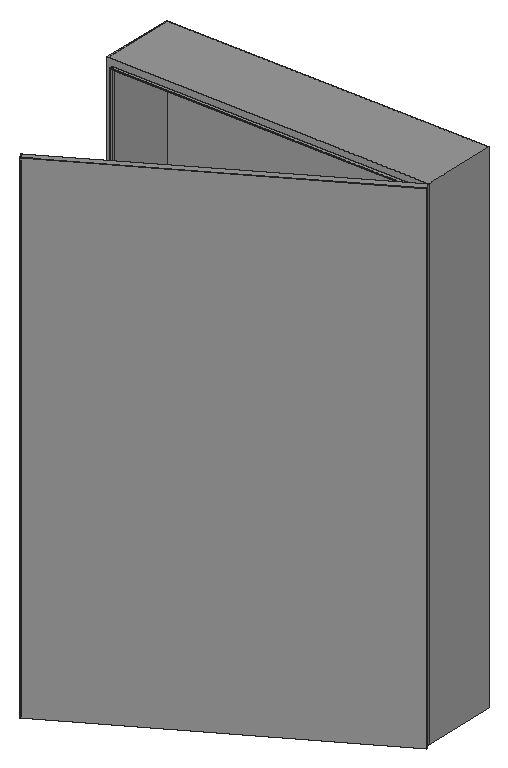
Revit family "Hager-Univers-IP54-D205-H1250-Cl.II-Encl-NoHosted-AT-de", category Equipement électrique, Revit 2020
Family settings
  Configuration du panneau = Deux colonnes, circuits au sein
  Cote de connecteur circulaire = Utiliser le diamètre
  Type d'élément = Tableau de raccordement
  Basée sur le plan de construction = Oui
  Toujours verticalement = Oui
  Couper avec des vides une fois chargée = Non
  Partagée = Non
  Point de calcul de pièce = Non
Parameters (values of type "Aufputz IP54 B800 H1250 T205  - FP83SW2")
  Width Control [instance] = if([EF000008 - Breite] > Min Width, [EF000008 - Breite], Min Width)  # 800 mm
  Commentaires du type = [HG000003 - Bereich]  # "Univers"
  Thickness Door [instance] = if([EF009171 - Materialstärke Tür/Deckel] > 3 mm, 3 mm, [EF009171 - Materialstärke Tür/Deckel])  # 1 mm
  Seal Frame Offset [instance] = 17 mm  # constant formula
  Plinth Visibility [instance] = [HG000027 - Sockelhöhe] > 0 mm  # no
  Min Width [instance] = 100 mm  # constant formula
  Min Depth [instance] = (2 * [EF009170 - Materialstärke Gehäuse]) + 1 mm  # 3 mm
  Min Height [instance] = 100 mm  # constant formula
  Internal Frame Depth [instance] = (Door System Depth * 0.5)  # 9 mm
  Panel Name [instance] = ""  # (empty or 0)
  Model = ""
  HG000027 - Sockelhöhe = 0 mm
  HG000026 - Stehend auf dem Boden = no
  HG000024 - Höhe des unteren Teils = 600 mm
  HG000023 - Gehäuse mit doppeltem Querschnitt = no
  HG000016 - 3D-Türsichtbarkeit [instance] = yes
  HG000015 - Sichtbarkeit der Türöffnung [instance] = no
  HG000014 - Tür rechts [instance] = yes
  HG000013 - Tür links [instance] = not([HG000014 - Tür rechts])  # no
  HG000012 - Türschwenkwinkel [instance] = 30.00°
  HG000010 - Asymmetrische Türen = no
  HG000009 - Doppelflügeligen Tür = no
  HG000006 - Unterputz = no
  HG000004 - Herstellerreferenz = "FP83SW2"
  HG000003 - Bereich = "Univers"
  HG000002 - Mit tür = yes
  Frame Offset Bottom [instance] = 10 mm  # constant formula
  Frame Offset [instance] = 15 mm  # constant formula
  EF015940 - Deckel mit Überdruckentlastung = no
  EF011959 - Schutzart (NEMA) = ""
  EF009554 - Anzahl der Öffnungen für Flanschplatten = 6
  EF009212 - Ausführung Deckel = "EV000116 - geschlossen"
  EF009171 - Materialstärke Tür/Deckel = 1 mm
  EF009170 - Materialstärke Gehäuse = 1 mm
  EF008873 - Nennstrom (In) = 250 A
  EF007800 - Geeignet für Blitzschutz = no
  EF006306 - Mit Schloss = no
  EF006244 - Transparenter Deckel/Tür = no
  EF005474 - Schutzart (IP) = "EV006419 - IP54"
  EF004464 - Art der Tür = "EV002646 - Einzel"
  EF004427 - Anzahl der Module = 288
  EF004293 - Schlagfestigkeit = "EV006813 - IK07"
  EF003532 - Geeignet für Außengebrauch = no
  EF002950 - Breite in Teilungseinheiten = 36
  EF001613 - Funktionserhalt = "EV000494 - ohne"
  EF001596 - Werkstoff des Gehäuses = "EV000179 - Stahl"
  EF001131 - Innentiefe = 130 mm
  EF001088 - Anbaumöglichkeit = yes
  EF000437 - Anzahl der Leitungseinführungen = 6
  EF000339 - Art der Abdeckung = "EV004216 - Tür"
  EF000266 - Anzahl der Reihen = 8
  EF000218 - Einbautiefe = 205 mm
  EF000118 - Mit Montageplatte = no
  EF000116 - RAL-Nummer = "9010"
  EF000049 - Tiefe = 205 mm
  EF000040 - Höhe = 1250 mm
  EF000008 - Breite = 800 mm
  EF000007 - Farbe = "EV000202 - weiß"
  EF000003 - Montageart = "EV000384 - Aufputz"
  Door System Leaf Tolerance [instance] = 1.5 mm  # constant formula
  Door System Depth [instance] = 18 mm  # constant formula
  Door Height [instance] = Height Control - [HG000027 - Sockelhöhe]  # 1250 mm
  Description = ""
  Default Elevation = 1219.2 mm
  Connector Offset [instance] = Height Control / 2  # 625 mm
  Fabricant = "Hager"  # constant formula
  Height Control [instance] = if([EF000040 - Höhe] > Min Height, [EF000040 - Höhe], Min Height)  # 1250 mm
  Depth Control [instance] = if([EF000049 - Tiefe] > Min Depth, [EF000049 - Tiefe], Min Depth)  # 205 mm
  Bottom Top Plate Trim [instance] = 1.5 mm  # constant formula
  Plinth height Ctrl [instance] = if([HG000027 - Sockelhöhe] > 0 mm, [HG000027 - Sockelhöhe], 12 mm)  # 12 mm
Types (5, lengths in mm): name | Width Control | HG000010 - Asymmetrische Türen | HG000009 - Doppelflügeligen Tür | HG000004 - Herstellerreferenz | EF009554 - Anzahl der Öffnungen für Flanschplatten | EF004464 - Art der Tür | EF004427 - Anzahl der Module | EF004293 - Schlagfestigkeit | EF002950 - Breite in Teilungseinheiten | EF000437 - Anzahl der Leitungseinführungen | EF000008 - Breite
  Aufputz IP54 B1050 H1250 T205  - FP84SW2 | 1050 | no | yes | "FP84SW2" | 8 | "EV003602 - Doppel" | 384 | "EV006815 - IK09" | 48 | 8 | 1050
  Aufputz IP54 B1300 H1250 T205  - FP85SW2 | 1300 | yes | yes | "FP85SW2" | 10 | "EV003602 - Doppel" | 480 | "EV006815 - IK09" | 60 | 10 | 1300
  Aufputz IP54 B300 H1250 T205  - FP81SW2 | 300 | no | no | "FP81SW2" | 2 | "EV002646 - Einzel" | 96 | "EV006815 - IK09" | 12 | 2 | 300
  Aufputz IP54 B550 H1250 T205  - FP82SW2 | 550 | no | no | "FP82SW2" | 4 | "EV002646 - Einzel" | 192 | "EV006815 - IK09" | 24 | 4 | 550
  Aufputz IP54 B800 H1250 T205  - FP83SW2 | 800 | no | no | "FP83SW2" | 6 | "EV002646 - Einzel" | 288 | "EV006813 - IK07" | 36 | 6 | 800
Reference planes
  plane 1 "Center (Front/Back)": y = 0
  plane 2: z = 0
  plane 3 "Center (Left/Right)": x = 0
  plane 4: y = 0
  plane 5: y = 0
  plane 6: z = 0
  plane 7: x = -400
  plane 8: x = 400
  plane 9: x = 399
  plane 10: x = -399
  plane 11: z = 0
  plane 12: z = 1
  plane 13: y = -205
  plane 14: y = -1
  plane 15: x = 0
  plane 16: y = -187
  plane 17: y = -204
  plane 18: y = -186
  plane 19: x = -384
  plane 20: x = 384
  plane 21: z = 11
  plane 22: x = -383
  plane 23: x = 383
  plane 24: z = 0
  plane 25: z = 1250
  plane 26: z = 1250
  plane 27: z = 1234
  plane 28: z = 1249
Forms (mm)
  Extrusion 1, solid, material "Hager_Steel_RAL7035_Light_Grey", detail levels medium+fine
    sketch origin (-208.679, -4572, 0) x (-1, 0, 0) y (0, -1, 0)
      loop
        line (191.321, -4385) -> (-608.679, -4385) -> (-608.679, -4572) -> (191.321, -4572) -> (191.321, -4385)
    from 0 to 1250
  Extrusion 2, void
    sketch origin (-350.771, -205, 1219.2) x (1, 0, 0) y (0, 0, 1)
      loop
        line (-48.229, 29.8) -> (-48.229, -1218.2) -> (749.771, -1218.2) -> (749.771, 29.8) -> (-48.229, 29.8)
    from -19 to -204
  Extrusion 3, void
    sketch origin (-290.084, -187, 1219.2) x (1, 0, 0) y (0, 0, 1)
      loop
        line (-93.916, -1208.2) -> (674.084, -1208.2) -> (674.084, 14.8) -> (-93.916, 14.8) -> (-93.916, -1208.2)
    from 0 to -1
  Extrusion 4, solid, material "Hager_Steel_RAL7035_Light_Grey", visible <- "Plinth Visibility", detail levels medium+fine
    sketch origin (0, 0, 0) x (1, 0, 0) y (0, 1, 0)
      loop
        line (-400, 0) -> (-400, -187) -> (400, -187) -> (400, 0) -> (-400, 0)
    from 0 to 12 <- "Plinth height Ctrl"
  Extrusion 5, solid, material "Hager_Steel_RAL7035_Light_Grey", detail levels coarse
    sketch origin (0, 0, 0) x (1, 0, 0) y (0, 1, 0)
      loop
        line (-400, 0) -> (-400, -205) -> (400, -205) -> (400, 0) -> (-400, 0)
    from 0 to 1250 <- "Height Control"
  Sweep 6, void
    path in 3D
      loop
        line (-400, -187, 12) -> (400, -187, 12) -> (400, 0, 12) -> (-400, 0, 12) -> (-400, -187, 12)
    profile origin (-400, -93.5, 12) x (1, 0, 0) y (0, 0, 1)
      loop
        line (0, 0) -> (0, -1.5) -> (1.5, -1.5)
        arc (1.5, -1.5) -> (1.061, -0.439) -> (0, 0) r 1.5
  Extrusion 7, solid, material "Hager_Steel_RAL7035_Light_Grey", detail levels fine
    sketch origin (-400, -187, 0) x (1, 0, 0) y (0, 0, 1)
      loop
        line (16, 11) -> (784, 11) -> (784, 1234) -> (16, 1234) -> (16, 11)
      loop
        line (15, 10) -> (785, 10) -> (785, 1235) -> (15, 1235) -> (15, 10)
    from 0 to 9 <- "Internal Frame Depth"
Cuts and joins
  Extrusion 2, Extrusion 3 cuts Extrusion 1
  Sweep 6 cuts Extrusion 4
Lines and regions (mm)
  Masking region 1
    outline origin (0, 0, 0) x (1, 0, 0) y (0, 1, 0)
      loop
        line (-400, 0) -> (-400, -205) -> (400, -205) -> (400, 0) -> (-400, 0)
  Masking region 2, detail levels coarse
    outline origin (-290.084, -187, 1219.2) x (-1, 0, 0) y (0, 0, 1)
      loop
        line (-690.084, -1219.2) -> (109.916, -1219.2) -> (109.916, 30.8) -> (-690.084, 30.8) -> (-690.084, -1219.2)
  Masking region 3, detail levels coarse
    outline origin (0, 0, 0) x (0, 1, 0) y (0, 0, 1)
      loop
        line (0, 0) -> (0, 1250) -> (-205, 1250) -> (-205, 0) -> (0, 0)
  Masking region 4, visible <- "Plinth Visibility", detail levels medium+fine
    outline origin (0, 0, 0) x (0, 1, 0) y (0, 0, 1)
      loop
        line (-1.5, 12) -> (-185.5, 12)
        arc (-185.5, 12) -> (-185.939, 10.939) -> (-187, 10.5) r 1.5
        line (-187, 10.5) -> (-187, 0) -> (0, 0) -> (0, 10.5)
        arc (0, 10.5) -> (-1.061, 10.939) -> (-1.5, 12) r 1.5
  Masking region 5, detail levels medium+fine
    outline origin (0, 0, 594.038) x (0, 1, 0) y (0, 0, 1)
      loop
        line (0, -594.038) -> (0, 655.962) -> (-187, 655.962) -> (-187, -594.038) -> (0, -594.038)
  Masking region 6, detail levels medium+fine
    outline origin (-359.7, -187, 1211.883) x (-1, 0, 0) y (0, 0, 1)
      loop
        line (-759.7, -1211.883) -> (40.3, -1211.883) -> (40.3, 38.117) -> (-759.7, 38.117) -> (-759.7, -1211.883)
  Masking region 7, visible <- "Plinth Visibility", detail levels medium+fine
    outline origin (-320.334, -187, 1041.368) x (-1, 0, 0) y (0, 0, 1)
      loop
        line (-720.334, -1041.368) -> (79.666, -1041.368) -> (79.666, -1030.868)
        arc (79.666, -1030.868) -> (78.606, -1030.429) -> (78.166, -1029.368) r 1.5
        line (78.166, -1029.368) -> (-718.834, -1029.368)
        arc (-718.834, -1029.368) -> (-719.273, -1030.429) -> (-720.334, -1030.868) r 1.5
        line (-720.334, -1030.868) -> (-720.334, -1041.368)
  sketch lines
    curve 1: line (-400, 0, 12) -> (-400, -187, 12)
    curve 2: line (-400, -187, 12) -> (400, -187, 12)
    curve 3: line (400, 0, 12) -> (-400, 0, 12)
    curve 4: line (400, -187, 12) -> (400, 0, 12)
Dimensions and locks
  locked: plane 1 "Center (Front/Back)" to plane 5
  "EF009170 - Materialstärke Gehäuse": plane 7 to plane 10
  "EF009170 - Materialstärke Gehäuse": plane 8 to plane 9
  equal spacing: plane 7, plane 3 "Center (Left/Right)", plane 8
  "Width Control": plane 7 to plane 8
  "Depth Control": plane 4 to plane 13
  "EF009170 - Materialstärke Gehäuse": plane 4 to plane 14
  "Height Control": plane 25 to level
  "HG000027 - Sockelhöhe": plane 11 to level
  "EF009170 - Materialstärke Gehäuse": plane 12 to plane 11
  "EF009170 - Materialstärke Gehäuse": plane 17 to plane 13
  "EF009170 - Materialstärke Gehäuse": plane 18 to plane 16
  "Frame Offset Bottom": plane 21 to plane 12
  "Frame Offset": plane 10 to plane 19
  "Frame Offset": plane 9 to plane 20
  "Door System Depth": plane 16 to plane 13
  "Seal Frame Offset": plane 7 to plane 22
  "Seal Frame Offset": plane 8 to plane 23
  "EF009170 - Materialstärke Gehäuse": plane 26 to plane 28
  "Frame Offset": plane 28 to plane 27
  "Connector Offset": plane 2 to connector elem
  "Bottom Top Plate Trim": profile plane to Sweep 6 sketch curve
  "Bottom Top Plate Trim": Sweep 6 sketch curve to Sweep 6 sketch curve
  "Plinth height Ctrl": Masking region 4 sketch curve to level
  "Plinth height Ctrl": Masking region 7 sketch curve to level
  "Thickness Door": Extrusion 7 sketch curve to Extrusion 7 sketch curve  (x4)
  "Bottom Top Plate Trim": radius of Sweep 6 sketch curve
  "Bottom Top Plate Trim": radius of Masking region 4 sketch curve  (x2)
  "Bottom Top Plate Trim": radius of Masking region 7 sketch curve  (x2)
  aligned and locked: Extrusion 2 sketch curve to plane 12
  aligned and locked: Extrusion 2 sketch curve to plane 9
  aligned and locked: Extrusion 2 sketch curve to plane 10
  aligned and locked: Extrusion 2 to plane 14
  aligned and locked: Extrusion 1 sketch curve to plane 4
  aligned and locked: plane 8 to Extrusion 1 sketch curve
  aligned and locked: plane 7 to Extrusion 1 sketch curve
  aligned and locked: Extrusion 2 to plane 18
  aligned and locked: Extrusion 3 sketch curve to plane 19
  aligned and locked: plane 20 to Extrusion 3 sketch curve
  aligned and locked: Extrusion 3 to Extrusion 2
  aligned and locked: Extrusion 3 sketch curve to plane 21
  aligned and locked: plane 3 "Center (Left/Right)" to nested 1
  aligned and locked: Extrusion 1 sketch curve to plane 16
  aligned and locked: Extrusion 4 sketch curve to cut or joined group of Extrusion 1, Extrusion 2, Extrusion 3
  aligned and locked: Masking region 1 sketch curve to plane 7
  aligned and locked: Masking region 1 sketch curve to plane 5
  aligned and locked: Masking region 1 sketch curve to plane 8
  aligned and locked: Masking region 2 sketch curve to level
  aligned and locked: level to Masking region 3 sketch curve
  aligned and locked: plane 1 "Center (Front/Back)" to Masking region 3 sketch curve
  aligned and locked: plane 13 to Masking region 3 sketch curve
  aligned and locked: plane 5 to Masking region 4 sketch curve
  aligned and locked: Masking region 2 sketch curve to plane 8
  aligned and locked: Masking region 2 sketch curve to plane 7
  aligned and locked: plane 7 to nested 2
  aligned and locked: nested 2 to plane 5
  aligned and locked: plane 5 to Masking region 5 sketch curve
  aligned and locked: plane 26 to Masking region 5 sketch curve
  aligned and locked: Extrusion 5 sketch curve to plane 8
  aligned and locked: Extrusion 5 sketch curve to plane 7
  aligned and locked: Extrusion 5 sketch curve to plane 5
  aligned and locked: Extrusion 3 sketch curve to plane 27
  aligned and locked: Extrusion 2 sketch curve to plane 28
  aligned and locked: Masking region 2 to plane 25
  aligned and locked: Extrusion 4 to plane 16
  aligned and locked: profile plane to Sweep 6 sketch curve
  aligned and locked: Masking region 5 sketch curve to plane 24
  aligned and locked: level to Masking region 4 sketch curve
  aligned and locked: Masking region 1 to plane 13
  aligned and locked: nested 1 to plane 16
  aligned and locked: Masking region 3 to plane 25
  aligned and locked: plane 16 to Masking region 4 sketch curve
  aligned and locked: Masking region 5 sketch curve to plane 16
  aligned and locked: plane 24 to plane 11
  aligned and locked: plane 26 to plane 25
  aligned and locked: plane 26 to cut or joined group of Extrusion 1, Extrusion 2, Extrusion 3
  aligned and locked: nested 1 to plane 24
  aligned and locked: Extrusion 1 to Extrusion 3
  aligned and locked: Masking region 6 sketch curve to plane 8
  aligned and locked: Masking region 6 sketch curve to plane 24
  aligned and locked: Masking region 6 sketch curve to plane 7
  aligned and locked: Masking region 6 sketch curve to plane 26
  aligned and locked: Masking region 7 sketch curve to plane 7
  aligned and locked: level to Masking region 7 sketch curve
  aligned and locked: Masking region 7 sketch curve to plane 8
  aligned and locked: Extrusion 7 sketch curve to cut or joined group of Extrusion 1, Extrusion 2, Extrusion 3  (x4)
Automatic sketch dimensions
  plane 19 to Extrusion 3 sketch curve = 0 mm
  Extrusion 3 sketch curve to plane 20 = 0 mm
  Extrusion 3 sketch curve to plane 21 = 0 mm
  Extrusion 4 sketch curve to plane 7 = 0 mm
  Extrusion 4 sketch curve to plane 8 = 0 mm
  Extrusion 4 sketch curve to plane 16 = 0 mm
  Masking region 1 sketch curve to plane 13 = 0 mm
  Masking region 2 sketch curve to plane 25 = 0 mm
  Masking region 3 sketch curve to plane 25 = 0 mm
  Extrusion 5 sketch curve to plane 13 = 0 mm
  profile plane to Sweep 6 sketch curve = 0 mm
Nested families
  nested 1: "EC000058_Univers_Door" at (0, -187, 0), Double <- "HG000009 - Doppelflügeligen Tür", Transparent <- "EF006244 - Transparenter Deckel/Tür", Angle <- "HG000012 - Türschwenkwinkel", Door_Right <- "HG000014 - Tür rechts", Assymetrical <- "HG000010 - Asymmetrische Türen", Door <- "HG000002 - Mit tür", Width_Ctrl <- "Width Control", 3d_Door <- "HG000016 - 3D-Türsichtbarkeit", Clearance <- "HG000015 - Sichtbarkeit der Türöffnung", Door_Left <- "HG000013 - Tür links", Width <- "Width Control", Door_Depth <- "Door System Depth", Leaf_Tolerance <- "Door System Leaf Tolerance", Height <- "Door Height", Lock_Visibility <- "EF006306 - Mit Schloss", Thickness <- "Thickness Door", type "EC000058_Univers_Door", detail levels medium+fine
    with min_wh 3 mm, Width_Ctrl 800 mm, Width 800 mm, Transparent no, Thickness 1 mm, Seal_Material Hager_Rubber, Lock_Visibility no, Lock_Material Hager_Plastic_RAL9005_Jet_Black, Leaf_Width 800 mm, Leaf_Tolerance_External_Sides 0 mm, Leaf_Tolerance 1.5 mm, Leaf_Offset 0 mm, Leaf_Height 1247 mm, Leaf_2_Width 800 mm, Leaf_2_Offset 400 mm, Leaf_1_Width 800 mm, Leaf_1_Offset 400 mm, Height_Ctrl 1250 mm, Height 1250 mm, Glass_Material Hager_Glass, Double_Clearance_Ctrl no, Double no, Door_Right_Ctrl yes, Door_Right yes, Door_Material Hager_Steel_RAL7035_Light_Grey, Door_Left_Ctrl no, Door_Left no, Door_Depth 18 mm, Door yes, Clearance_Material Hager_Clearance, Clearance_Depth 800 mm, Clearance_Ctrl no, Clearance no, Assymetrical no, Angle 30.00°, 3d_Door yes
  nested 2: "Hager_Enclosure_Symbol" at (-400, 0, 0), Height <- "Depth Control", Width <- "Width Control", type "Hager_Enclosure_Symbol"
    with Width_Ctrl 800 mm, Width 800 mm, Height_Ctrl 205 mm, Height 205 mm, A_Width_Int 13.453 mm, A_Width 161.438 mm, A_Height_Ctrl 179.375 mm, A_Height 179.375 mm
Connectors
  electrical at (0, 0, 625)
    settings: on plane 1 "Center (Front/Back)", index 1, voltage 0 V, apparent load 0 VA, apparent load phase1 0 VA, apparent load phase2 0 VA, apparent load phase3 0 VA, power factor 1, load classification "Other", number of poles 1, system type 30, power factor state 1, is connector primary yes, connector utility no, sub classification motor no, connector description ""
Definition of nested family "EC000058_Univers_Door"
  Parameters (values of type "EC000058_Univers_Door")
    min_wh [instance] = (2 * Thickness) + 1 mm  # 11 mm
    Width_Ctrl [instance] = 400 mm
    Width [instance] = 500 mm
    Transparent [instance] = yes
    Thickness [instance] = 5 mm
    Seal_Material [instance] = none
    Lock_Visibility [instance] = yes
    Lock_Material [instance] = none
    Leaf_Width [instance] = if((Width_Ctrl - 2 * Leaf_Tolerance_External_Sides) > 0 mm, (Width_Ctrl - 2 * Leaf_Tolerance_External_Sides), min_wh)  # 400 mm
    Leaf_Tolerance_External_Sides [instance] = 0 mm  # constant formula
    Leaf_Tolerance [instance] = 1.5 mm
    Leaf_Offset [instance] = 0 mm  # constant formula
    Leaf_Height [instance] = if((Height_Ctrl - 2 * Leaf_Tolerance) > 0 mm, (Height_Ctrl - 2 * Leaf_Tolerance), min_wh)  # 497 mm
    Leaf_2_Width [instance] = if(and(and(Double, Assymetrical), Door_Left), (Leaf_Width / 3) - (Leaf_Tolerance / 2), if(and(and(Double, Assymetrical), Door_Right), (Leaf_Width / 3) * 2 - (Leaf_Tolerance / 2), if(and(Double, not(Assymetrical)), (Leaf_Width / 2) - Leaf_Tolerance, Leaf_Width)))  # 400 mm
    Leaf_2_Offset [instance] = if(and(Double, Assymetrical), Leaf_2_Width / 2, if(and(Double, not(Assymetrical)), Leaf_Width / 4, Leaf_Width / 2))  # 200 mm
    Leaf_1_Width [instance] = if(and(and(Double, Assymetrical), Door_Right), (Leaf_Width / 3) - (Leaf_Tolerance / 2), if(and(and(Double, Assymetrical), Door_Left), (Width / 3) * 2 - (Leaf_Tolerance / 2), if(and(Double, not(Assymetrical)), (Leaf_Width / 2) - Leaf_Tolerance, Leaf_Width)))  # 400 mm
    Leaf_1_Offset [instance] = if(and(Double, Assymetrical), Leaf_1_Width / 2, if(and(Double, not(Assymetrical)), Leaf_Width / 4, Leaf_Width / 2))  # 200 mm
    Height_Ctrl [instance] = if(Height > min_wh, Height, min_wh)  # 500 mm
    Height [instance] = 500 mm
    Glass_Material [instance] = none
    Double_Clearance_Ctrl [instance] = and(Double, Clearance)  # no
    Double [instance] = no
    Door_Right_Ctrl [instance] = and(or(Door_Right, Double), Door)  # yes
    Door_Right [instance] = yes
    Door_Material [instance] = none
    Door_Left_Ctrl [instance] = and(or(Door_Left, Double), Door)  # no
    Door_Left [instance] = no
    Door_Depth [instance] = 30 mm
    Door [instance] = yes
    Default Elevation = 1219.2 mm
    Clearance_Material [instance] = none
    Clearance_Depth [instance] = if(Leaf_1_Width > Leaf_2_Width, Leaf_1_Width, Leaf_2_Width)  # 400 mm
    Clearance_Ctrl [instance] = and(not(Double), Clearance)  # yes
    Clearance [instance] = yes
    Assymetrical [instance] = yes
    Angle [instance] = 30.00°
    3d_Door [instance] = yes
  Reference planes
    plane 1 "Center (Front/Back)": y = 0
    plane 2 "Bottom": z = 0
    plane 3 "Center (Left/Right)": x = 0
    plane 4: z = 500
    plane 5: x = -200
    plane 6: x = 200
    plane 7: z = 500
    plane 8: x = -200
    plane 9: z = 0
    plane 10: x = 200
    plane 11: y = 0
    plane 12: z = 1.5
    plane 13: x = -600
    plane 14: y = -400
    plane 15: x = 600
    plane 16: x = 0
    plane 17: x = 0
    plane 18: x = -200
    plane 19: x = 200
    plane 20: z = 498.5
  Forms (mm)
    Extrusion 1, solid, material <- "Clearance_Material", visible <- "Double_Clearance_Ctrl"
      sketch origin (1200, 0, 0) x (1, 0, 0) y (0, 0, -1)
        loop
          line (-1800, -498.5) -> (-600, -498.5) -> (-600, 0) -> (-1800, 0) -> (-1800, -498.5)
      from 0 to -400
  Dimensions and locks
    equal spacing: plane 5, plane 3 "Center (Left/Right)", plane 6
    "Width_Ctrl": plane 5 to plane 6
    "Leaf_Offset": plane 5 to plane 8
    "Leaf_Offset": plane 6 to plane 10
    "Leaf_Offset": plane 9 to level
    "Leaf_Offset": plane 4 to plane 7
    "Height_Ctrl": plane 4 to level
    "Leaf_Tolerance": plane 12 to plane 9
    locked: plane 11 to plane 1 "Center (Front/Back)"
    "Leaf_1_Offset": plane 18 to plane 16
    "Leaf_2_Offset": plane 17 to plane 19
    "Leaf_1_Width": plane 13 to plane 8
    "Leaf_2_Width": plane 10 to plane 15
    "Clearance_Depth": plane 14 to plane 1 "Center (Front/Back)"
    "Leaf_Tolerance_External_Sides": plane 8 to plane 18
    "Leaf_Tolerance_External_Sides": plane 19 to plane 10
    "Leaf_Tolerance": plane 7 to plane 20
    aligned and locked: level to plane 2 "Bottom"
    aligned and locked: nested 1 to plane 16
    aligned and locked: nested 2 to plane 17
    aligned and locked: Extrusion 1 to plane 13
    aligned and locked: plane 15 to Extrusion 1
    aligned and locked: Extrusion 1 to plane 14
    aligned and locked: plane 12 to nested 1
    aligned and locked: nested 2 to plane 12
    aligned and locked: Extrusion 1 to plane 11
    aligned and locked: plane 20 to Extrusion 1
    aligned and locked: nested 2 to plane 11
    aligned and locked: nested 1 to plane 11
  Automatic sketch dimensions
    Extrusion 1 sketch curve to level = 0 mm
    plane 5 to Extrusion 1 sketch curve = 400 mm
    plane 6 to Extrusion 1 sketch curve = 400 mm
    Extrusion 1 sketch curve to plane 4 = 1.5 mm
  Nested families
    nested 1: "EC000058_Univers_Door_Leaf" at (0, 0, 1.5), Width <- "Leaf_1_Width", visible <- "Door_Left_Ctrl", Leaf_Height <- "Leaf_Height", Angle <- "Angle", 3d_Door <- "3d_Door", Transparent <- "Transparent", Clearance Material <- "Clearance_Material", Clearance <- "Clearance_Ctrl", Door_Material <- "Door_Material", Glass_Material <- "Glass_Material", Door_Depth <- "Door_Depth", Lock_Material <- "Lock_Material", Seal_Material <- "Seal_Material", Lock_Visibility <- "Lock_Visibility", Thickness <- "Thickness", type "EC000058_Univers_Door_Leaf"
      with Width 400 mm, Transparent_Glass_Offset 30 mm, Transparent_Ctrl yes, Transparent yes, Thickness 5 mm, Standard no, Seal_Material none, Seal_D2 8 mm, Seal_D1 1 mm, Offset_Internal_Frame 10 mm, Lock_Width 20 mm, Lock_Visibility_3d yes, Lock_Visibility yes, Lock_Thickness_3 3 mm, Lock_Thickness_2 1 mm, Lock_Thickness_1 3 mm, Lock_Radius_Offset_2 16 mm, Lock_Radius_Offset_1 15 mm, Lock_Radius_2 5 mm, Lock_Radius 6 mm, Lock_Offset 5 mm, Lock_Material none, Lock_Height 80 mm, Lock_Cover_Top_Offset_2d 17 mm, Lock_Cover_Height -65 mm, Leaf_Height 497 mm, Internal_Seal_Thickness 8 mm, Internal_Seal_Depth_2 4.5 mm, Internal_Frame_Depth 25 mm, Glass_Thickness -1 mm, Glass_Offset -2 mm, Glass_Material none, Door_Material none, Door_Depth 30 mm, Clearance Material none, Clearance yes, Angle_Ctrl 30.00°, Angle 30.00°, 3d_Door yes
    nested 2: "EC000058_Univers_Door_Leaf" at (0, 0, 1.5) x (-1, 0, 0) z (0, 0, 1), Width <- "Leaf_2_Width", visible <- "Door_Right_Ctrl", Leaf_Height <- "Leaf_Height", Angle <- "Angle", 3d_Door <- "3d_Door", Transparent <- "Transparent", Clearance Material <- "Clearance_Material", Clearance <- "Clearance_Ctrl", Door_Material <- "Door_Material", Glass_Material <- "Glass_Material", Door_Depth <- "Door_Depth", Lock_Material <- "Lock_Material", Seal_Material <- "Seal_Material", Lock_Visibility <- "Lock_Visibility", Thickness <- "Thickness", type "EC000058_Univers_Door_Leaf"
      with Width 400 mm, Transparent_Glass_Offset 30 mm, Transparent_Ctrl yes, Transparent yes, Thickness 5 mm, Standard no, Seal_Material none, Seal_D2 8 mm, Seal_D1 1 mm, Offset_Internal_Frame 10 mm, Lock_Width 20 mm, Lock_Visibility_3d yes, Lock_Visibility yes, Lock_Thickness_3 3 mm, Lock_Thickness_2 1 mm, Lock_Thickness_1 3 mm, Lock_Radius_Offset_2 16 mm, Lock_Radius_Offset_1 15 mm, Lock_Radius_2 5 mm, Lock_Radius 6 mm, Lock_Offset 5 mm, Lock_Material none, Lock_Height 80 mm, Lock_Cover_Top_Offset_2d 17 mm, Lock_Cover_Height -65 mm, Leaf_Height 497 mm, Internal_Seal_Thickness 8 mm, Internal_Seal_Depth_2 4.5 mm, Internal_Frame_Depth 25 mm, Glass_Thickness -1 mm, Glass_Offset -2 mm, Glass_Material none, Door_Material none, Door_Depth 30 mm, Clearance Material none, Clearance yes, Angle_Ctrl 30.00°, Angle 30.00°, 3d_Door yes
  Definition of nested family "EC000058_Univers_Door_Leaf"
    Parameters (values of type "EC000058_Univers_Door_Leaf")
      Width [instance] = 2000 mm
      Transparent_Glass_Offset [instance] = 30 mm
      Transparent_Ctrl [instance] = and(Transparent, [3d_Door])  # yes
      Transparent [instance] = yes
      Thickness [instance] = 5 mm
      Standard [instance] = and(not(Transparent), [3d_Door])  # no
      Seal_Material [instance] = none
      Seal_D2 [instance] = 8 mm  # constant formula
      Seal_D1 [instance] = 1 mm  # constant formula
      Offset_Internal_Frame [instance] = 10 mm  # constant formula
      Lock_Width [instance] = 20 mm  # constant formula
      Lock_Visibility_3d [instance] = and(Lock_Visibility, [3d_Door])  # yes
      Lock_Visibility [instance] = yes
      Lock_Thickness_3 [instance] = 3 mm  # constant formula
      Lock_Thickness_2 [instance] = 1 mm  # constant formula
      Lock_Thickness_1 [instance] = 3 mm  # constant formula
      Lock_Radius_Offset_2 [instance] = Lock_Radius_Offset_1 + 1 mm  # 16 mm
      Lock_Radius_Offset_1 [instance] = 15 mm  # constant formula
      Lock_Radius_2 [instance] = Lock_Radius - 1 mm  # 5 mm
      Lock_Radius [instance] = 6 mm  # constant formula
      Lock_Offset [instance] = 5 mm  # constant formula
      Lock_Material [instance] = none
      Lock_Height [instance] = 80 mm  # constant formula
      Lock_Cover_Top_Offset_2d [instance] = Lock_Radius_Offset_2 + 1 mm  # 17 mm
      Lock_Cover_Height [instance] = -(Lock_Height - Lock_Radius_Offset_1)  # -65 mm
      Leaf_Height [instance] = 2720.336 mm
      Internal_Seal_Thickness [instance] = 8 mm  # constant formula
      Internal_Seal_Depth_2 [instance] = 4.5 mm  # constant formula
      Internal_Frame_Depth [instance] = if(Door_Depth - Thickness > 5 mm, Door_Depth - Thickness, 5 mm)  # 25 mm
      Glass_Thickness [instance] = if(Thickness > 15 mm, Glass_Offset + 10 mm, -1 mm)  # -1 mm
      Glass_Offset [instance] = if(Thickness > 15 mm, -(Thickness + 10 mm) / 2, -2 mm)  # -2 mm
      Glass_Material [instance] = none
      Door_Material [instance] = none
      Door_Depth [instance] = 30 mm
      Default Elevation = 0 mm
      Clearance Material [instance] = none
      Clearance [instance] = yes
      Angle_Ctrl [instance] = if(Angle > 180.00°, 180.00°, Angle)  # 90.00°
      Angle [instance] = 90.00°
      3d_Door [instance] = yes
    Reference planes
      plane 1 "Center (Front/Back)": y = 0
      plane 2: z = 0
      plane 3 "Center (Left/Right)": x = 0
      plane 4: y = 2000
      plane 5: x = -1000
      plane 6: x = 1000
      plane 7: x = -3000
      plane 8: z = 2720.336
      plane 9: z = 30
      plane 10: z = 2690.336
      plane 11: x = 970
      plane 12: x = -970
      plane 13: y = -3
      plane 14: z = 107.833
      plane 15: y = -5
      plane 16: y = -223.314
      plane 17: x = -1000
      plane 18: z = 1360.168
      plane 19: y = 30
    Forms (mm)
      Extrusion 1, solid, material <- "Clearance Material", visible <- "Clearance"
        sketch origin (0, 0, 0) x (1, 0, 0) y (0, 0, 1)
          loop
            line (-3000, 2720.336) -> (-3000, 0) -> (1000, 0) -> (1000, 2720.336) -> (-3000, 2720.336)
        from 0 to -2000
      Extrusion 2, solid, material <- "Door_Material", visible <- "Standard", detail levels medium+fine
        sketch origin (-1000, 0, 0) x (0, 1, 0) y (-1, 0, 0)
          loop
            line (0, 30) -> (0, 25) -> (2000, 25) -> (2000, 30) -> (0, 30)
        from 0 to 2720.336 <- "Leaf_Height"
      Extrusion 3, solid, material <- "Door_Material", visible <- "Transparent_Ctrl", detail levels medium+fine
        sketch origin (-1000, 0, 0) x (0, 1, 0) y (-1, 0, 0)
          loop
            line (0, 25) -> (2000, 25) -> (2000, 30) -> (0, 30) -> (0, 25)
        from 0 to 2720.336 <- "Leaf_Height"
      Extrusion 4, void
        sketch origin (-1025, 2000, 0) x (0, 1, 0) y (0, 0, -1)
          loop
            line (-30, -2690.336) -> (-30, -30) -> (-1970, -30) -> (-1970, -2690.336) -> (-30, -2690.336)
        from 0 to 5 <- "Thickness"
      Sweep 5, solid, material <- "Seal_Material", visible <- "Transparent_Ctrl", detail levels fine
        path in 3D
          loop
            line (-1025, 30, 30) -> (-1025, 30, 2690.336) -> (-1025, 1970, 2690.336) -> (-1025, 1970, 30) -> (-1025, 30, 30)
        profile origin (-1025, 1000, 30) x (1, 0, 0) y (0, 0, 1)
          loop
            line (0, 0) -> (0, -8) -> (1, -8) -> (1, 0) -> (0, 0)
      Extrusion 6, solid, material <- "Glass_Material", visible <- "Transparent_Ctrl", detail levels medium+fine
        sketch origin (-1030, 0, 0) x (0, 1, 0) y (0, 0, -1)
          loop
            line (1970, -2690.336) -> (1970, -30) -> (30, -30) -> (30, -2690.336) -> (1970, -2690.336)
        from -2 <- "Glass_Offset" to -1 <- "Glass_Thickness"
      Extrusion 7, solid, material <- "Door_Material", visible <- "3d_Door", detail levels medium+fine
        sketch origin (-1025, 2000, 0) x (0, -1, 0) y (0, 0, -1)
          loop
            line (0, -2720.336) -> (2000, -2720.336) -> (2000, 0) -> (0, 0) -> (0, -2720.336)
          loop
            line (1995, -5) -> (5, -5) -> (5, -2715.336) -> (1995, -2715.336) -> (1995, -5)
        from 0 to 25 <- "Internal_Frame_Depth"
      Sweep 8, solid, material <- "Seal_Material", visible <- "Transparent_Ctrl", detail levels fine
        path in 3D
          loop
            line (-1025, 0, 0) -> (-1025, 2000, 0) -> (-1025, 2000, 2720.336) -> (-1025, 0, 2720.336) -> (-1025, 0, 0)
        profile origin (-1025, 0, 1360.168) x (1, 0, 0) y (0, 1, 0)
          loop
            line (0, 10) -> (2.975, 10)
            arc (2.975, 10) -> (4.053, 10.447) -> (4.5, 11.525) r 1.525
            line (4.5, 11.525) -> (4.5, 16.527)
            arc (4.5, 16.527) -> (4.069, 17.569) -> (3.027, 18) r 1.473
            line (3.027, 18) -> (0, 18) -> (0, 10)
      Extrusion 9, solid, material <- "Lock_Material", visible <- "Lock_Visibility_3d", detail levels fine
        sketch origin (-1030, 0, 0) x (0, 1, 0) y (0, 0, -1)
          loop
            arc (1993.5, -1400.168) -> (1994.561, -1399.729) -> (1995, -1398.668) r 1.5
            line (1995, -1398.668) -> (1995, -1320.168) -> (1975, -1320.168) -> (1975, -1398.668)
            arc (1975, -1398.668) -> (1975.439, -1399.729) -> (1976.5, -1400.168) r 1.5
            line (1976.5, -1400.168) -> (1993.5, -1400.168)
        from 3 <- "Lock_Thickness_1" to 0
      Blend 10, solid, material <- "Lock_Material", visible <- "Lock_Visibility_3d", detail levels fine
        base sketch origin (-1033, 0, 0) x (0, 1, 0) y (0, 0, -1)
          loop
            line (1975, -1320.168) -> (1975, -1398.668)
            arc (1975, -1398.668) -> (1975.439, -1399.729) -> (1976.5, -1400.168) r 1.5
            line (1976.5, -1400.168) -> (1993.5, -1400.168)
            arc (1993.5, -1400.168) -> (1994.561, -1399.729) -> (1995, -1398.668) r 1.5
            line (1995, -1398.668) -> (1995, -1320.168) -> (1975, -1320.168)
        top sketch origin (-1033, 0, 0) x (0, 1, 0) y (0, 0, -1)
          loop
            line (1976, -1320.168) -> (1976, -1398.668)
            arc (1976, -1398.668) -> (1976.146, -1399.022) -> (1976.5, -1399.168) r 0.5
            line (1976.5, -1399.168) -> (1993.5, -1399.168)
            arc (1993.5, -1399.168) -> (1993.854, -1399.022) -> (1994, -1398.668) r 0.5
            line (1994, -1398.668) -> (1994, -1320.168) -> (1976, -1320.168)
        from 0 to 1 <- "Lock_Thickness_2"
      Blend 11, solid, material <- "Lock_Material", visible <- "Lock_Visibility_3d", detail levels fine
        base sketch origin (-1034, 0, 0) x (0, 1, 0) y (0, 0, -1)
          loop
            line (1978, -1320.168) -> (1978, -1384.168)
            arc (1978, -1384.168) -> (1985, -1391.168) -> (1992, -1384.168) r 7
            line (1992, -1384.168) -> (1992, -1320.168) -> (1978, -1320.168)
        top sketch origin (-1034, 0, 0) x (0, 1, 0) y (0, 0, -1)
          loop
            line (1991, -1320.168) -> (1979, -1320.168) -> (1979, -1383.168)
            arc (1979, -1383.168) -> (1985, -1389.168) -> (1991, -1383.168) r 6
            line (1991, -1383.168) -> (1991, -1320.168)
        from 0 to 3 <- "Lock_Thickness_3"
      Extrusion 12, solid, material <- "Lock_Material", visible <- "Lock_Visibility_3d", detail levels fine
        sketch origin (-1030, 1975, 1320.168) x (1, 0, 0) y (0, -1, 0)
          loop
            line (-7, -19) -> (-7, -1) -> (0, -1) -> (0, 0) -> (-8, 0) -> (-8, -20) -> (0, -20) -> (0, -19) -> (-7, -19)
        from 0 to -65 <- "Lock_Cover_Height"
      Extrusion 13, void
        sketch origin (-1038, 1995, 1320.168) x (-1, 0, 0) y (0, 0, -1)
          loop
            line (-5, -65) -> (0, -65) -> (-5, -60) -> (-5, -65)
        from 0 to 20 <- "Lock_Width"
      Extrusion 14, void
        sketch origin (-1038, 1975, 1320.168) x (0, -1, 0) y (0, 0, -1)
          loop
            circle (-10, -15.995) r 6
          loop
            circle (-10, -15.995) r 5
        from 0 to 2
      Extrusion 15, solid, material <- "Lock_Material", visible <- "Lock_Visibility_3d", detail levels medium
        sketch origin (-1030, 0, 0) x (0, 1, 0) y (0, 0, -1)
          loop
            arc (1993.5, -1400.168) -> (1994.561, -1399.729) -> (1995, -1398.668) r 1.5
            line (1995, -1398.668) -> (1995, -1320.168) -> (1975, -1320.168) -> (1975, -1398.668)
            arc (1975, -1398.668) -> (1975.439, -1399.729) -> (1976.5, -1400.168) r 1.5
            line (1976.5, -1400.168) -> (1993.5, -1400.168)
        from 8 to 0
    Cuts and joins
      Extrusion 4 cuts Extrusion 3
      Extrusion 13, Extrusion 14 cuts Extrusion 9
      Extrusion 14 cuts Blend 11
      Extrusion 13, Extrusion 14 cuts Extrusion 12
      joined: Extrusion 9, Blend 10, Blend 11, Extrusion 12
      Extrusion 14 cuts Extrusion 15
    Lines and regions (mm)
      Masking region 1, visible <- "Lock_Visibility", detail levels fine
        outline origin (0, 0, 0) x (0, 1, 0) y (0, 0, 1)
          loop
            line (30, 1320.168) -> (33, 1320.168) -> (33, 1400.168) -> (30, 1400.168) -> (30, 1320.168)
      Masking region 2, visible <- "Lock_Visibility", detail levels fine
        outline origin (0, 3.143, 0) x (0, 1, 0) y (0, 0, 1)
          loop
            line (29.857, 1354.168) -> (30.857, 1354.168) -> (30.857, 1366.168) -> (29.857, 1366.168) -> (29.857, 1354.168)
      Masking region 3, detail levels medium+fine
        outline origin (0, 0, 0) x (0, 1, 0) y (0, 0, 1)
          loop
            line (0, 0) -> (30, 0) -> (30, 2720.336) -> (0, 2720.336) -> (0, 0)
      Masking region 4, detail levels medium+fine
        outline origin (0, 0, 0) x (1, 0, 0) y (0, 0, 1)
          loop
            line (-1000, 2720.336) -> (-1000, 0) -> (1000, 0) -> (1000, 2720.336) -> (-1000, 2720.336)
      Masking region 5, visible <- "Lock_Visibility", detail levels fine
        outline origin (-47.116, 0, 0) x (1, 0, 0) y (0, 0, 1)
          loop
            arc (1024.616, 1399.168) -> (1023.556, 1398.729) -> (1023.116, 1397.668) r 1.5
            line (1023.116, 1397.668) -> (1023.116, 1320.168) -> (1041.116, 1320.168) -> (1041.116, 1397.668)
            arc (1041.116, 1397.668) -> (1040.677, 1398.729) -> (1039.616, 1399.168) r 1.5
            line (1039.616, 1399.168) -> (1024.616, 1399.168)
      Masking region 6, visible <- "Lock_Visibility", detail levels medium+fine
        outline origin (-25, 0, 0) x (1, 0, 0) y (0, 0, 1)
          loop
            arc (1001.5, 1400.168) -> (1000.439, 1399.729) -> (1000, 1398.668) r 1.5
            line (1000, 1398.668) -> (1000, 1320.168) -> (1020, 1320.168) -> (1020, 1398.668)
            arc (1020, 1398.668) -> (1019.561, 1399.729) -> (1018.5, 1400.168) r 1.5
            line (1018.5, 1400.168) -> (1001.5, 1400.168)
      Masking region 7, visible <- "Lock_Visibility", detail levels fine
        outline origin (-73.735, 0, 0) x (1, 0, 0) y (0, 0, 1)
          loop
            line (1051.735, 1382.168) -> (1065.735, 1382.168) -> (1065.735, 1384.168)
            arc (1065.735, 1384.168) -> (1058.735, 1391.168) -> (1051.735, 1384.168) r 7
            line (1051.735, 1384.168) -> (1051.735, 1382.168)
      Masking region 8, visible <- "Lock_Visibility", detail levels fine
        outline origin (-73.735, 0, 0) x (1, 0, 0) y (0, 0, 1)
          loop
            line (1052.735, 1382.168) -> (1064.735, 1382.168) -> (1064.735, 1383.168)
            arc (1064.735, 1383.168) -> (1058.735, 1389.168) -> (1052.735, 1383.168) r 6
            line (1052.735, 1383.168) -> (1052.735, 1382.168)
      Masking region 9, visible <- "Lock_Visibility", detail levels fine
        outline origin (-25, 0, 0) x (1, 0, 0) y (0, 0, 1)
          loop
            line (1020, 1320.168) -> (1020, 1382.168) -> (1000, 1382.168) -> (1000, 1320.168) -> (1020, 1320.168)
      Masking region 10, detail levels medium+fine
        outline origin (0, 0, 0) x (1, 0, 0) y (0, 0, 1)
          loop
            circle (985, 1335.144) r 6
      Masking region 11, detail levels fine
        outline origin (0, 0, 0) x (1, 0, 0) y (0, 0, 1)
          loop
            circle (985, 1335.144) r 5
      Masking region 12, visible <- "Lock_Visibility", detail levels fine
        outline origin (0, 12.767, 0) x (0, 1, 0) y (0, 0, 1)
          loop
            line (20.233, 1320.168) -> (21.233, 1320.168) -> (21.233, 1399.168) -> (20.233, 1400.168) -> (20.233, 1320.168)
      Masking region 13, visible <- "Lock_Visibility", detail levels fine
        outline origin (0, 13.767, -10) x (0, 1, 0) y (0, 0, 1)
          loop
            line (20.233, 1330.168) -> (23.233, 1330.168) -> (23.233, 1399.168) -> (20.233, 1402.168) -> (20.233, 1330.168)
      Masking region 14, visible <- "Lock_Visibility", detail levels fine
        outline origin (0, 12.767, -10) x (0, 1, 0) y (0, 0, 1)
          loop
            line (20.233, 1330.168) -> (25.233, 1330.168) -> (25.233, 1399.305) -> (20.233, 1394.305) -> (20.233, 1330.168)
      Masking region 15, visible <- "Lock_Visibility", detail levels medium
        outline origin (0, 0, 0) x (0, 1, 0) y (0, 0, 1)
          loop
            line (30, 1320.168) -> (38, 1320.168) -> (38, 1400.168) -> (30, 1400.168) -> (30, 1320.168)
      Masking region 16, visible <- "Lock_Visibility", detail levels fine
        outline origin (-1000, 0, 0) x (0, 1, 0) y (-1, 0, 0)
          loop
            line (1975, 30) -> (1995, 30) -> (1995, 38) -> (1975, 38) -> (1975, 30)
          loop
            line (1979, 37) -> (1976, 37) -> (1976, 34) -> (1978, 34) -> (1979, 37)
          loop
            line (1994, 37) -> (1991, 37) -> (1992, 34) -> (1994, 34) -> (1994, 37)
      Masking region 17, visible <- "Lock_Visibility", detail levels medium
        outline origin (-1000, 0, 0) x (0, 1, 0) y (-1, 0, 0)
          loop
            line (1975, 30) -> (1995, 30) -> (1995, 38) -> (1975, 38) -> (1975, 30)
      symbolic lines
        curve 1: line (1000, 0, 0) -> (-3000, 0, 0)
        curve 2: arc (1000, 0, 0) -> (-1000, 2000, 0) -> (-3000, 0, 0) r 2000
        curve 4: line (-1030, 0, 0) -> (-1030, 2000, 0)
      reference lines
        curve 3: line (-1000, 0, 0) -> (-1000, 2000, 0)
      symbolic lines, detail levels medium+fine
        curve 5: line (-1030, 2000, 0) -> (-1025, 2000, 0)
        curve 7: line (-1025, 0, 0) -> (-1030, 0, 0)
        curve 8: line (-1025, 0, 0) -> (-1000, 0, 0)
        curve 9: line (-1000, 0, 0) -> (-1000, 2000, 0)
        curve 10: line (-1000, 2000, 0) -> (-1025, 2000, 0)
      symbolic lines, detail levels fine
        curve 6: line (-1025, 2000, 0) -> (-1025, 0, 0)
      sketch lines
        curve 11: line (-1025, 0, 2720.336) -> (-1025, 0, 0)
        curve 12: line (-1025, 2000, 0) -> (-1025, 0, 0)
        curve 13: line (-1025, 2000, 2720.336) -> (-1025, 2000, 0)
        curve 14: line (-1025, 0, 2720.336) -> (-1025, 2000, 2720.336)
        curve 15: line (-1025, 1970, 30) -> (-1025, 30, 30)
        curve 16: line (-1025, 30, 30) -> (-1025, 30, 2690.336)
        curve 17: line (-1025, 1970, 2690.336) -> (-1025, 1970, 30)
        curve 18: line (-1025, 30, 2690.336) -> (-1025, 1970, 2690.336)
      symbolic lines, visible <- "Transparent", detail levels medium+fine
        curve 19: line (-970, 0, 2690.336) -> (970, 0, 2690.336)
        curve 20: line (-970, 0, 30) -> (-970, 0, 2690.336)
        curve 21: line (970, 0, 30) -> (-970, 0, 30)
        curve 22: line (970, 0, 2690.336) -> (970, 0, 30)
    Dimensions and locks
      "Width": plane 1 "Center (Front/Back)" to plane 4
      equal spacing: plane 5, plane 3 "Center (Left/Right)", plane 6
      "Width": plane 5 to plane 6
      "Width": plane 7 to plane 5
      "Leaf_Height": plane 8 to level
      "Width": curve 5 to curve 3
      "Width": curve 3 to curve 3
      plane 8 to plane 10 = 30 mm
      plane 9 to level = 30 mm
      plane 12 to plane 5 = 30 mm
      plane 6 to plane 11 = 30 mm
      Extrusion 1 to Extrusion 4 sketch curve = 30 mm
      "Transparent_Glass_Offset": curve 3 to Extrusion 4 sketch curve
      "Transparent_Glass_Offset": Extrusion 4 sketch curve to cut or joined group of Extrusion 3, Extrusion 4  (x2)
      cut or joined group of Extrusion 3, Extrusion 4 to Extrusion 6 sketch curve = 30 mm
      "Transparent_Glass_Offset": cut or joined group of Extrusion 3, Extrusion 4 to Extrusion 4 sketch curve
      "Thickness": curve 6 to curve 4
      "Thickness": Extrusion 7 sketch curve to Extrusion 7 sketch curve  (x4)
      "Door_Depth": curve 4 to curve 3
      "Offset_Internal_Frame": profile plane to Sweep 8 sketch curve
      "Internal_Seal_Thickness": Sweep 8 sketch curve to Sweep 8 sketch curve
      "Internal_Seal_Depth_2": profile plane to Sweep 8 sketch curve
      "Seal_D1": profile plane to Sweep 5 sketch curve
      "Seal_D2": profile plane to Sweep 5 sketch curve
      "Thickness": Extrusion 2 sketch curve to Extrusion 2 sketch curve
      equal spacing: Extrusion 9 sketch curve, plane 18, Extrusion 9 sketch curve  (x2)
      equal spacing: Masking region 1 sketch curve, plane 18, Masking region 1 sketch curve
      "Lock_Height": Masking region 1 sketch curve to Masking region 1 sketch curve
      "Lock_Radius": Masking region 2 sketch curve to plane 18 to Masking region 2 sketch curve
      Masking region 2 sketch curve to Masking region 1 = 1 mm
      "Door_Depth": plane 19 to plane 1 "Center (Front/Back)"
      "Lock_Thickness_1": Masking region 1 sketch curve to plane 19
      "Lock_Width": Extrusion 9 sketch curve to Extrusion 9 sketch curve
      "Lock_Height": Extrusion 9 sketch curve to Extrusion 9 sketch curve
      "Lock_Offset": cut or joined group of Extrusion 3, Extrusion 4 to Extrusion 9 sketch curve
      equal spacing: plane 8, plane 18, level
      "Lock_Radius_Offset_1": Blend 11 sketch curve to Blend 10
      locked: Blend 10 to Blend 11 sketch curve at 2  (x2)
      locked: var sketch to Blend 11 sketch curve at 1  (x2)
      "Lock_Radius_Offset_2": Blend 11 sketch curve to Blend 10
      locked: Extrusion 12 sketch curve to Extrusion 12 sketch curve at 1  (x3)
      Masking region 6 sketch curve to Masking region 6 sketch curve = 80 mm
      "Lock_Height": Masking region 6 sketch curve to Masking region 6 sketch curve
      "Lock_Width": Masking region 6 sketch curve to Masking region 6 sketch curve
      locked: Masking region 6 to Masking region 5 sketch curve at 1  (x3)
      locked: Masking region 5 to Masking region 7 sketch curve at 2  (x2)
      "Lock_Radius_Offset_1": Masking region 5 to Masking region 7 sketch curve
      "Lock_Radius_Offset_2": Masking region 5 to Masking region 8 sketch curve
      locked: Masking region 7 to Masking region 8 sketch curve at 1  (x2)
      "Lock_Cover_Top_Offset_2d": Masking region 5 to Masking region 9 sketch curve
      equal spacing: Masking region 9, Masking region 10 sketch curve, Masking region 9
      equal spacing: Masking region 9, Masking region 11 sketch curve, Masking region 9
      Extrusion 15 sketch curve to Extrusion 15 sketch curve = 80 mm
      "Lock_Width": Extrusion 15 sketch curve to Extrusion 15 sketch curve
      "Lock_Height": Extrusion 15 sketch curve to Extrusion 15 sketch curve
      equal spacing: Extrusion 15 sketch curve, plane 18, Extrusion 15 sketch curve
      "Lock_Thickness_3": Masking region 13 sketch curve to Masking region 13 sketch curve
      "Lock_Height": Masking region 12 sketch curve to Masking region 12 sketch curve
      locked: Masking region 13 sketch curve to Masking region 1 at 8
      locked: Masking region 14 sketch curve to Masking region 13 at 1
      locked: Masking region 14 sketch curve to Masking region 1 at 10.863
      "Lock_Height": Masking region 15 sketch curve to Masking region 15 sketch curve
      "Lock_Offset": Extrusion 15 sketch curve to cut or joined group of Extrusion 3, Extrusion 4
      "Lock_Offset": plane 6 to Masking region 6 sketch curve
      radius of Sweep 8 sketch curve = 1.525 mm
      radius of Sweep 8 sketch curve = 1.473 mm
      radius of Extrusion 9 sketch curve = 1.5 mm  (x2)
      "Lock_Radius": radius of Extrusion 14 sketch curve
      "Lock_Radius_2": radius of Extrusion 14 sketch curve
      "Lock_Radius": radius of Masking region 10 sketch curve
      "Lock_Radius_2": radius of Masking region 11 sketch curve
      radius of Extrusion 15 sketch curve = 1.5 mm  (x2)
      "Angle_Ctrl": angle plane 1 "Center (Front/Back)" to curve 3
      locked: Masking region 12 sketch curve to Masking region 12 sketch curve (angle 45.00°)
      locked: Masking region 13 sketch curve to Masking region 13 sketch curve (angle 45.00°)
      locked: Masking region 14 sketch curve to Masking region 14 sketch curve (angle 45.00°)
      aligned and locked: level to plane 2
      aligned and locked: Extrusion 1 to curve 1
      aligned and locked: plane 6 to Extrusion 1
      aligned and locked: Extrusion 1 to plane 1 "Center (Front/Back)"
      aligned and locked: plane 4 to Extrusion 1
      aligned and locked: plane 8 to Extrusion 1
      aligned and locked: curve 7 to Extrusion 2 sketch curve
      aligned and locked: curve 5 to Extrusion 2 sketch curve
      aligned and locked: curve 7 to Extrusion 3 sketch curve
      aligned and locked: Extrusion 3 sketch curve to curve 4
      aligned and locked: Extrusion 3 sketch curve to curve 6
      aligned and locked: Extrusion 3 sketch curve to curve 5
      aligned and locked: curve 9 to curve 3
      aligned and locked: Extrusion 7 sketch curve to cut or joined group of Extrusion 3, Extrusion 4  (x4)
      aligned and locked: plane 17 to curve 3
      aligned and locked: plane 1 "Center (Front/Back)" to curve 3
      aligned and locked: plane 17 to plane 5
      aligned and locked: Sweep 8 sketch curve to profile plane
      aligned and locked: Sweep 5 sketch curve to profile plane  (x2)
      aligned and locked: Masking region 1 to Masking region 2 sketch curve
      aligned and locked: plane 19 to Masking region 1 sketch curve
      aligned and locked: plane 1 "Center (Front/Back)" to Masking region 3 sketch curve
      aligned and locked: plane 19 to Masking region 3 sketch curve
      aligned and locked: level to Masking region 3 sketch curve
      aligned and locked: Masking region 3 sketch curve to plane 8
      aligned and locked: plane 17 to Masking region 4 sketch curve
      aligned and locked: level to Masking region 4 sketch curve
      aligned and locked: Masking region 4 sketch curve to plane 8
      aligned and locked: plane 12 to curve 20
      aligned and locked: plane 10 to curve 19
      aligned and locked: plane 11 to curve 22
      aligned and locked: curve 21 to plane 9
      aligned and locked: Extrusion 2 sketch curve to cut or joined group of Extrusion 3, Extrusion 4
      aligned and locked: Blend 10 sketch curve to Extrusion 9  (x4)
      aligned and locked: Extrusion 9 to Blend 10 sketch curve
      aligned and locked: Blend 10 to Blend 11 sketch curve
      aligned and locked: Extrusion 12 sketch curve to Blend 11
      aligned and locked: Extrusion 12 sketch curve to Extrusion 9  (x4)
      aligned and locked: Masking region 5 sketch curve to Masking region 6
      aligned and locked: Masking region 9 sketch curve to Masking region 6  (x3)
      aligned and locked: Masking region 12 sketch curve to Masking region 1
      aligned and locked: Masking region 13 sketch curve to Masking region 1
      aligned and locked: Masking region 12 to Masking region 14
      aligned and locked: Masking region 14 sketch curve to Masking region 1
      aligned and locked: Masking region 15 sketch curve to Masking region 14
      aligned and locked: Masking region 13 sketch curve to Masking region 12
      aligned and locked: Masking region 16 sketch curve to cut or joined group of Extrusion 14, Extrusion 15  (x4)
      aligned and locked: Masking region 16 sketch curve to cut or joined group of Extrusion 9, Blend 10, Blend 11, Extrusion 12, Extrusion 13, Extrusion 14  (x6)
      aligned and locked: cut or joined group of Extrusion 9, Blend 10, Blend 11, Extrusion 12, Extrusion 13, Extrusion 14 to Masking region 16 sketch curve
      aligned and locked: Masking region 17 sketch curve to cut or joined group of Extrusion 14, Extrusion 15  (x3)
      aligned and locked: Masking region 17 sketch curve to cut or joined group of Extrusion 9, Blend 10, Blend 11, Extrusion 12, Extrusion 13, Extrusion 14
      aligned and locked: Masking region 9 to Masking region 8 sketch curve
      aligned and locked: Masking region 9 to Masking region 7 sketch curve
    Automatic sketch dimensions
      plane 1 "Center (Front/Back)" to curve 2 = 0 mm
      curve 2 to plane 5 = 0 mm
      Extrusion 1 sketch curve to level = 0 mm
      Extrusion 1 sketch curve to plane 7 = 0 mm
      Extrusion 1 sketch curve to plane 6 = 0 mm
      Extrusion 1 sketch curve to plane 8 = 0 mm
      Extrusion 3 to Extrusion 6 sketch curve = 30 mm  (x4)
      Masking region 4 sketch curve to plane 6 = 0 mm
      Blend 10 sketch curve to Extrusion 9 = 1.5 mm
      Blend 10 sketch curve to Extrusion 9 = 1 mm
      Extrusion 13 sketch curve to Extrusion 12 = 0 mm  (x2)
      Extrusion 12 to Extrusion 13 sketch curve = 3 mm
      Extrusion 13 sketch curve to Extrusion 12 = 5 mm
      Extrusion 14 sketch curve to Extrusion 14 sketch curve = 0 mm  (x2)
      Extrusion 14 sketch curve to Extrusion 12 = 10 mm
      Extrusion 14 sketch curve to Extrusion 12 = 15.995 mm
      Masking region 5 sketch curve to Masking region 5 sketch curve = 1.5 mm  (x2)
      Masking region 10 sketch curve to plane 18 = 25.024 mm
      Masking region 11 sketch curve to plane 18 = 25.024 mm
      plane 19 to Masking region 14 sketch curve = 3 mm
      Masking region 16 sketch curve to Masking region 16 sketch curve = 3 mm
      curve 4 to curve 3 = 0 mm
      Blend 10 to Blend 11 sketch curve = 0 mm
      Masking region 6 sketch curve to Masking region 6 sketch curve = 1.5 mm  (x2)
      Masking region 6 sketch curve to plane 18 = 40 mm
      plane 19 to Masking region 12 sketch curve = 3 mm
      Masking region 12 sketch curve to Masking region 12 sketch curve = 1 mm
      Masking region 15 sketch curve to plane 19 = 0 mm
      Masking region 15 sketch curve to plane 18 = 40 mm
      radius of Blend 10 sketch curve to Extrusion 9 = 1 mm
Definition of nested family "Hager_Enclosure_Symbol"
  Parameters (values of type "Hager_Enclosure_Symbol")
    Width_Ctrl [instance] = if(Width > 1 mm, Width, 1 mm)  # 102.27 mm
    Width [instance] = 102.27 mm
    Height_Ctrl [instance] = if(Height > 1 mm, Height, 1 mm)  # 66.5 mm
    A_Width_Int [instance] = if(A_Width / 12 > 2 mm, A_Width / 12, 2 mm)  # 4.364 mm
    A_Width [instance] = if(A_Height_Ctrl * 0.9 > 2 mm, A_Height_Ctrl * 0.9, 2 mm)  # 52.369 mm
    A_Height_Ctrl [instance] = if(A_Height > 2 mm, A_Height, 2 mm)  # 58.188 mm
    Height [instance] = 66.5 mm
    A_Height [instance] = Height - (Height / 8)  # 58.188 mm
  Reference planes
    plane 1 "Centre (avant/arrière)": y = 0
    plane 2: z = 0
    plane 3 "Centre (gauche/droite)": x = 0
    plane 4: x = 52.369
    plane 5: y = 33.042
    plane 6: y = 41.77
    plane 7: y = 66.5
    plane 8: x = 26.184
    plane 9: y = 37.406
    plane 10: x = 102.27
    plane 11: y = 66.5
    plane 12: y = 8.313
  Lines and regions (mm)
    Filled region 1, type "Solid_Black", in view "Niveau de réf."
      outline origin (0, 0, 0) x (1, 0, 0) y (0, 1, 0)
        loop
          line (52.369, 66.5) -> (33.188, 54.536) -> (45.365, 45.006) -> (52.369, 66.5)
    Filled region 2, type "Solid_Black", in view "Niveau de réf."
      outline origin (0, 0, 0) x (1, 0, 0) y (0, 1, 0)
        loop
          line (0, 0) -> (102.27, 0) -> (102.27, 66.5) -> (0, 0)
    detail lines, in view "Niveau de réf."
      curve 1: line (0, 8.313, 0) -> (26.184, 41.77, 0)
      curve 2: line (26.184, 41.77, 0) -> (26.184, 33.042, 0)
      curve 3: line (26.184, 33.042, 0) -> (52.369, 66.5, 0)
  Dimensions and locks
    "A_Width": plane 3 "Centre (gauche/droite)" to plane 4
    equal spacing: plane 3 "Centre (gauche/droite)", plane 8, plane 4
    equal spacing: plane 6, plane 9, plane 5
    equal spacing: curve 3, Filled region 1 sketch curve, Filled region 1 sketch curve
    "Height_Ctrl": plane 1 "Centre (avant/arrière)" to plane 11
    "A_Height_Ctrl": plane 11 to plane 12
    equal spacing: plane 11, plane 9, plane 12
    "A_Width_Int": plane 6 to plane 9
    "Width_Ctrl": plane 3 "Centre (gauche/droite)" to plane 10
    angle Filled region 1 sketch curve to curve 3 = 20.00°
    angle curve 3 to Filled region 1 sketch curve = 20.00°
    locked: curve 3 to Filled region 1 sketch curve (angle 90.00°)
    aligned and locked: plane 10 to Filled region 2
    aligned and locked: plane 11 to Filled region 2 sketch curve
    aligned and locked: plane 10 to Filled region 2 sketch curve
    aligned and locked: plane 3 "Centre (gauche/droite)" to curve 1
    aligned and locked: plane 12 to curve 1
    aligned and locked: plane 7 to plane 11
  Automatic sketch dimensions
    Filled region 1 sketch curve to plane 4 = 0 mm
    Filled region 1 sketch curve to plane 7 = 0 mm
    plane 1 "Centre (avant/arrière)" to Filled region 2 sketch curve = 0 mm
    Filled region 2 sketch curve to plane 3 "Centre (gauche/droite)" = 0 mm
    curve 2 to plane 6 = 0 mm
    curve 2 to plane 8 = 0 mm
    curve 3 to plane 4 = 0 mm
    curve 2 to plane 5 = 0 mm
    curve 3 to plane 7 = 0 mm
